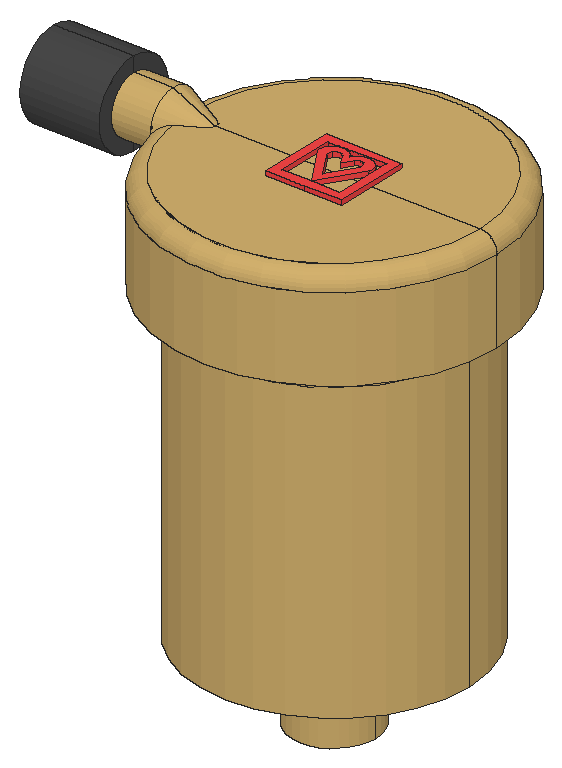
Revit family "Automatic air vents 2630 02", category Rohrzubehör, Revit 2019
Family settings
  Bemaßung runder Anschluss = Durchmesser verwenden
  Teiletyp = Normal
  OmniClass-Nummer = 23.65.55.14
  OmniClass-Titel = Valves for Liquid Services
  Arbeitsebenenbasiert = Nein
  Immer vertikal = Ja
  Beim Laden mit Abzugskörper schneiden = Nein
  Gemeinsam genutzt = Nein
Parameters
  URL = "www.herzvalves.com"
  SCRNSEQ = "AWI;AWI_TYP=\"1013\";1"
  SCRNCODE = "05;14;01"  # constant formula
  Part number [instance] = if(Nennweite AG = 10.000 mm, 1263002, 0)  # 1263002
  Float ball = "polypropylene "  # constant formula
  S02 = 11.000 mm  # constant formula
  S01 = 24.500 mm  # constant formula
  R01 = 2.000 mm  # constant formula
  Nennweite AG [instance] = 10.000 mm  # constant formula
  min. Operating temperature = 0 °C  # constant formula
  Medium = "heating water quality according to ÖNORM H5195 or VDI-Standard 2035.\r\nthe use of ethylene or propylene glycol in a mixing ratio 25-50% is allowed.\r\nplease refer to manufacturers documentation when using ethylene glycol products for frost and corrosion protection.\r\nthe HERZ air vent is not suitable for usage of aggressive medium (such as: acids, alkalis, combustible and explosive gases..) because it can damage the sealing components."
  max. Structual pressure = 1200000.0 Pa  # constant formula
  max. Operating temperature = 110 °C  # constant formula
  max. Operating pressure = 800000.0 Pa  # constant formula
  L04 = L00 - L01  # 24.000 mm
  L03 = 13.500 mm  # constant formula
  L02 = 4.800 mm  # constant formula
  L01 = 9.500 mm  # constant formula
  L00 = 33.500 mm  # constant formula
  Hersteller = "Herz-Armaturen GmbH"  # constant formula
  H05 = H00 - 1.000 mm  # 58.000 mm
  H04 = H03 - D03  # 57.900 mm
  H03 = 63.000 mm  # constant formula
  H02 = 9.500 mm  # constant formula
  H01 = 12.000 mm  # constant formula
  H00 = 59.000 mm  # constant formula
  Housing = "forged brass acc. to EN 12165, CW617N "  # constant formula
  G1 [instance] = Nennweite AG / 2  # 5.000 mm
  Sealing = "NBR"  # constant formula
  Lid = "forged brass acc. to EN 12165, CW617N"  # constant formula
  D05 = 0.800 mm  # constant formula
  D04 = 3.400 mm  # constant formula
  D03 = 5.100 mm  # constant formula
  D02 = 19.500 mm  # constant formula
  D01 = 16.200 mm  # constant formula
  External threaded connectors = "acc. to ISO 228"  # constant formula
  Field of application = "HERZ - Air vent is used for venting of the central heating installations.\r\nthe air vent should be placed nearby the boiler or at the highest points of installation.\r\ninstallations must be carried out in such a way that the retention of air bubbles in a certain part of installation is not possible.\r\nbefore usage, unscrew the polypropylene cover cap on the lid for 2 to 3 turns.\r\nin case of uncontrolled medium leakage, tighten the cover cap.\r\nthe air vent must be cleaned or replaced.\r\nwe always recommend to use backflow preventer for easy service and replacement of the air vent."
  Cover cap = "polypropylene, black colour"  # constant formula
Reference planes
  plane 1 "Mitte (Vorne/hinten)": y = 0
  plane 2: z = 0
  plane 3 "Mitte (Links/rechts)": x = 0
Forms (mm)
  Revolve 1, solid, material "Messing", detail levels fine
    sketch origin (0, 0, 0) x (1, 0, 0) y (0, 0, 1)
      loop
        line (0, 0) -> (0, 59) -> (-17.5, 59)
        arc (-17.5, 59) -> (-18.914, 58.414) -> (-19.5, 57) r 2
        line (-19.5, 57) -> (-19.5, 47) -> (-18.2, 47)
        arc (-18.2, 47) -> (-16.786, 46.414) -> (-16.2, 45) r 2
        line (-16.2, 45) -> (-16.2, 9.5) -> (-5, 9.5) -> (-5, 0) -> (0, 0)
      axis (0, 59) -> (0, 0)
    angle from 0 to 360
  Revolve 2, solid, material "Kunststoff - schwarz", detail levels fine
    sketch origin (0, 0, 0) x (1, 0, 0) y (0, 0, 1)
      loop
        line (-33.5, 57.9) -> (-24, 57.9) -> (-24, 63) -> (-33.5, 63) -> (-33.5, 57.9)
      axis (-33.5, 57.9) -> (-24, 57.9)
    angle from 0 to 360
  Revolve 3, solid, material "Messing", detail levels fine
    sketch origin (0, 0, 0) x (1, 0, 0) y (0, 0, 1)
      loop
        line (-24, 57.9) -> (0, 57.9) -> (0, 58.7) -> (-13.5, 58.7) -> (-19.2, 61.3) -> (-24, 61.3) -> (-24, 57.9)
      axis (-24, 57.9) -> (0, 57.9)
    angle from 0 to 360
Lines and regions (mm)
  model lines, detail levels coarse+medium
    curve 1: line (0, 0, 59) -> (-11.455, 0, 47.545)
    curve 2: line (0, 0, 59) -> (11.455, 0, 47.545)
    curve 3: circle (0, 0, 34.5) r 11 normal (0, -1, 0)
    curve 4: line (0, 0, 10) -> (-11.455, 0, 21.455)
    curve 5: line (0, 0, 10) -> (11.455, 0, 21.455)
    curve 6: line (0, 0, 59) -> (0, 0, 45.5)
    curve 7: line (0, 0, 23.5) -> (0, 0, 0)
    curve 8: line (0, 0, 59) -> (0, -11.455, 47.545)
    curve 9: line (0, 0, 59) -> (0, 11.455, 47.545)
    curve 10: circle (0, 0, 34.5) r 11 normal (1, 0, 0)
    curve 11: line (0, 0, 10) -> (0, -11.455, 21.455)
    curve 12: line (0, 0, 10) -> (0, 11.455, 21.455)
    curve 13: line (0, 59, 0) -> (11.455, 47.545, 0)
    curve 14: line (0, 59, 0) -> (-11.455, 47.545, 0)
    curve 15: circle (0, 34.5, 0) r 11 normal (0, 0, 1)
    curve 16: line (0, 59, 0) -> (0, 45.5, 0)
    curve 17: line (0, 23.5, 0) -> (0, 0, 0)
    curve 18: line (0, 10, 0) -> (11.455, 21.455, 0)
    curve 19: line (0, 10, 0) -> (-11.455, 21.455, 0)
Dimensions and locks
  "G1": Revolve 1 sketch curve to Revolve 1 sketch curve
  "H00": Revolve 1 sketch curve to Revolve 1 sketch curve
  "D01": Revolve 1 sketch curve to Revolve 1 sketch curve
  "D02": Revolve 1 sketch curve to Revolve 1 sketch curve
  "H02": Revolve 1 sketch curve to Revolve 1 sketch curve
  "H01": Revolve 1 sketch curve to Revolve 1 sketch curve
  "D03": Revolve 2 sketch curve to Revolve 2 sketch curve
  "L01": Revolve 2 sketch curve to Revolve 2 sketch curve
  "L00": Revolve 2 sketch curve to plane 3 "Mitte (Links/rechts)"
  "D04": Revolve 3 sketch curve to Revolve 3 sketch curve
  "L02": Revolve 3 sketch curve to Revolve 3 sketch curve
  "L03": Revolve 3 sketch curve to plane 3 "Mitte (Links/rechts)"
  "L04": Revolve 3 sketch curve to plane 3 "Mitte (Links/rechts)"
  "D05": Revolve 3 sketch curve to Revolve 3 sketch curve
  "H03": Revolve 2 sketch curve to plane 2
  "H04": Revolve 3 sketch curve to plane 2
  "H05": nested 1 to plane 2
  "D01": curve 2 to curve 2
  "D01": curve 1 to curve 2
  "S01": curve 5 to curve 3 to curve 2
  "H00": curve 6 to plane 2
  "D01": curve 4 to curve 5
  "D01": curve 5 to curve 5
  "S01": curve 9 to curve 10
  "H00": curve 9 to plane 2
  "S01": curve 12 to curve 10
  "D01": curve 8 to curve 8
  "D01": curve 9 to curve 9
  "D01": curve 11 to curve 11
  "D01": curve 12 to curve 12
  "H00": curve 16 to curve 17
  "D01": curve 14 to curve 14
  "D01": curve 13 to curve 13
  "D01": curve 19 to curve 19
  "D01": curve 18 to curve 18
  "S01": curve 16 to curve 15 to curve 19
  "R01": radius of Revolve 1 sketch curve  (x2)
  "S02": radius of curve 3
  "S02": radius of curve 10
  "S02": radius of curve 15
  angle curve 1 to curve 6 = 45.00°
  angle curve 6 to curve 2 = 45.00°
  angle curve 5 to curve 7 = 45.00°
  angle curve 7 to curve 4 = 45.00°
  angle plane 1 "Mitte (Vorne/hinten)" to curve 9 = 45.00°
  angle curve 8 to plane 1 "Mitte (Vorne/hinten)" = 45.00°
  angle plane 1 "Mitte (Vorne/hinten)" to curve 11 = 45.00°
  angle curve 12 to plane 1 "Mitte (Vorne/hinten)" = 45.00°
  angle curve 16 to curve 13 = 45.00°
  angle curve 14 to curve 16 = 45.00°
  angle curve 16 to curve 19 = 45.00°
  angle curve 18 to curve 17 = 45.00°
  aligned and locked: level to plane 2
Automatic sketch dimensions
  curve 12 to plane 1 "Mitte (Vorne/hinten)" = 0.000 mm
  curve 10 to plane 1 "Mitte (Vorne/hinten)" = 0.000 mm
  curve 9 to plane 1 "Mitte (Vorne/hinten)" = 0.000 mm
  curve 2 to plane 3 "Mitte (Links/rechts)" = 0.000 mm
  curve 7 to plane 3 "Mitte (Links/rechts)" = 0.000 mm
  curve 3 to plane 3 "Mitte (Links/rechts)" = 0.000 mm
  curve 4 to plane 3 "Mitte (Links/rechts)" = 0.000 mm
  curve 14 to plane 3 "Mitte (Links/rechts)" = 0.000 mm
  curve 19 to plane 3 "Mitte (Links/rechts)" = 0.000 mm
  curve 15 to plane 3 "Mitte (Links/rechts)" = 0.000 mm
  curve 17 to plane 3 "Mitte (Links/rechts)" = 0.000 mm
  plane 1 "Mitte (Vorne/hinten)" to curve 17 = 0.000 mm
  Revolve 1 sketch curve to level = 0.000 mm
  Revolve 1 sketch curve to plane 3 "Mitte (Links/rechts)" = 0.000 mm  (x2)
  Revolve 1 sketch curve to level = 2000.000 mm
  Revolve 1 sketch curve to Revolve 1 sketch curve = 1937.000 mm
  Revolve 2 sketch curve to Revolve 2 sketch curve = 0.000 mm  (x3)
  Revolve 3 sketch curve to plane 3 "Mitte (Links/rechts)" = 0.000 mm
  Revolve 3 sketch curve to Revolve 3 sketch curve = 0.212 mm
  Revolve 3 sketch curve to plane 3 "Mitte (Links/rechts)" = 0.539 mm
  Revolve 3 sketch curve to Revolve 3 sketch curve = 0.000 mm
Nested families
  nested 1: "Herz-Logo" at (0, 0, 58), type "Herz-Logo", detail levels fine
Connectors
  piping at (0, 0, 0), diameter 10, driven by "Nennweite AG"
    settings: on Revolve 1, index 1, connector inside diameter 609.6 mm, connector length 0.000 mm, flow factor 0, pipe flow 0.0 L/s, pressure drop 0.0 Pa, fitting loss kfactor 0, connector angle 0.00°, fixture units 0, engagement length 0.000 mm, angle of deflection 0.00°, flow configuration 0, flow direction 1, fitting loss method 0, system type 29, joint type 0, gender type 0, connector reference index -1, connector utility 0, adjustable connector no, is connector primary yes, connector description ""
Definition of nested family "Herz-Logo"
  Reference planes
    plane 1 "Mitte (Vorne/hinten)": y = 0
    plane 2: z = 0
    plane 3 "Mitte (Links/rechts)": x = 0
  Forms (mm)
    Extrusion 1, solid
      sketch origin (0, 0, 0) x (1, 0, 0) y (0, 1, 0)
        loop
          line (-0.018, -4.517) -> (4.482, -4.517) -> (4.482, 4.483) -> (-4.518, 4.483) -> (-4.518, -4.517) -> (-0.018, -4.517)
        loop
          line (-0.05, -3.48) -> (3.482, -3.48) -> (3.482, 3.483) -> (-3.518, 3.483) -> (-3.518, -3.48) -> (-0.05, -3.48)
        loop
          arc (-0.018, 2.383) -> (-1.543, 3.287) -> (-3.067, 2.383) r 1.738
          arc (-3.067, 2.383) -> (-3.191, 1.899) -> (-3.067, 1.415) r 1.009
          line (-3.067, 1.415) -> (-0.018, -3.281) -> (3.032, 1.415)
          arc (3.032, 1.415) -> (3.156, 1.899) -> (3.032, 2.383) r 1.009
          arc (3.032, 2.383) -> (1.507, 3.287) -> (-0.018, 2.383) r 1.738
        loop
          arc (1.885, 1.272) -> (2.005, 1.675) -> (1.885, 2.079) r 0.74
          arc (1.885, 2.079) -> (1.265, 2.416) -> (0.644, 2.079) r 0.74
          line (0.644, 2.079) -> (-0.018, 0.97) -> (-0.679, 2.079)
          arc (-0.679, 2.079) -> (-1.3, 2.416) -> (-1.921, 2.079) r 0.74
          arc (-1.921, 2.079) -> (-2.04, 1.675) -> (-1.921, 1.272) r 0.74
          line (-1.921, 1.272) -> (-0.018, -1.658) -> (1.885, 1.272)
      from 0 to 1.5
  Dimensions and locks
    aligned and locked: level to plane 2
